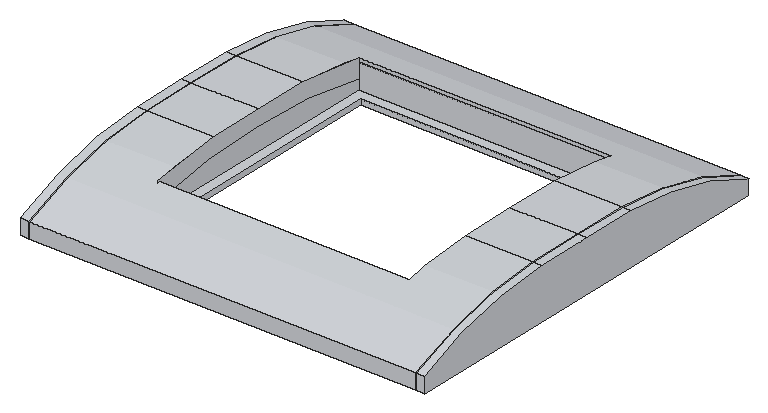
Revit family "Gira_1002738", category Electrical Fixtures, host Face, Revit 2017
Family settings
  Host = Face
  Maintain Annotation Orientation = No
  Round Connector Dimension = Use Diameter
  Part Type = Normal
  Cut with Voids When Loaded = No
  Shared = No
  Room Calculation Point = No
Parameters (values of type "Cov.fr. 2-g w/o cb interm.fr. AN Gira Event Clear black")
  With mounting grid = "No"
  With hinged lid = "No"
  URL = "http://katalog.gira.de/en/datenblatt.html?artikelnr=1002738"
  Type of fastening = "Clamp mounting"
  Transparent = "No"
  Surface protection = "Other"
  Surface finishing = "Glossy"
  Suitable for wall duct = "No"
  Suitable for flush-mounted installation = "Yes"
  Suitable for floor box = "No"
  Suitable for built-in installation = "No"
  Number of units vertical = "2"
  Number of units horizontal = "2"
  Number of units = "2"
  Name = "Cov.fr. 2-g w/o cb interm.fr. AN Gira Event Clear black"
  Mounting direction = "Horizontal and vertical"
  Material quality = "Thermoplastic"
  Material = "Plastic"
  Manufacturer URL = "https://www.gira.de/"
  Manufacturer = "Gira"
  Label space/information surface = "No"
  Keynote = ""
  HeinzeBIM = "https://bimportal.heinze.de/bim/cov-fr-2-g-w-o-cb-interm-fr-an-gira-event-clear-black/7c758bbbcc1d21fc5811364a1b7927ab7d988a52"
  Halogen free = "Yes"
  HAN = "1002738"
  GTIN = "4010337070238"
  Description = "Cov.fr.2g w o cb i.fr.AN EvCl BK,Gira Event Clear cover frame,black with anthracite intermediate frame,2-gang without crossbar,Features:,- Shatter-proof."
  Degree of protection (IP) = "IP20"
  Default Elevation = 1219.2 mm
  Data sheet (1) = "https://katalog.gira.de/en/download.html?artikelnr=1002738"
  Colour = "Black"
  Category = "Cover frame for domestic switching devices"
  BIM (1) = "https://media.stage.bim.site/public/gira/36a6b08/Event_Rahmen_2fach o.Mittelsteg.rfa?public/gira/36a6b08/Event_Rahmen_2fach o.Mittelsteg.rfa"
  Available = "No"
Reference planes
  plane 1 "Center (Front/Back)": y = 0
  plane 2: z = 0
  plane 3 "Center (Left/Right)": x = 0
Forms (mm)
  Extrusion 1, solid, detail levels fine
    sketch origin (0, 0, 1.55) x (0, 1, 0) y (0, 0, 1)
      loop
        arc (12.445, 9.683) -> (6.223, 9.833) -> (0, 9.85) r 291.636
        arc (0, 9.85) -> (-6.223, 9.833) -> (-12.445, 9.683) r 291.636
        arc (-12.445, 9.683) -> (-29.14, 7.482) -> (-45, 1.823) r 79.728
        line (-45, 1.823) -> (-45, -1.55) -> (-41.777, -1.55) -> (-41.777, -0.55)
        arc (-41.777, -0.55) -> (-21.205, 4.846) -> (0, 6.467) r 118.15
        arc (0, 6.467) -> (21.205, 4.846) -> (41.777, -0.55) r 118.15
        line (41.777, -0.55) -> (41.777, -1.55) -> (45, -1.55) -> (45, 1.823)
        arc (45, 1.823) -> (29.14, 7.482) -> (12.445, 9.683) r 79.728
    from -43 to 43
  Extrusion 2, void, detail levels fine
    sketch origin (0, 0, 0) x (1, 0, 0) y (0, 1, 0)
      loop
        line (-28, -28) -> (28, -28) -> (28, 28) -> (-28, 28) -> (-28, -28)
    from 2.85 to 12
  Extrusion 3, solid, detail levels coarse
    sketch origin (0, 0, 0) x (1, 0, 0) y (0, 1, 0)
      loop
        line (-45, 45) -> (-45, -45) -> (45, -45) -> (45, 45) -> (-45, 45)
    from 0 to 11.4
  Extrusion 4, solid, detail levels medium
    sketch origin (0, 0, 1.55) x (0, 1, 0) y (0, 0, 1)
      loop
        arc (12.445, 9.683) -> (6.223, 9.833) -> (0, 9.85) r 291.636
        arc (0, 9.85) -> (-6.223, 9.833) -> (-12.445, 9.683) r 291.636
        arc (-12.445, 9.683) -> (-29.14, 7.482) -> (-45, 1.823) r 79.728
        line (-45, 1.823) -> (-45, -1.55) -> (45, -1.55) -> (45, 1.823)
        arc (45, 1.823) -> (29.14, 7.482) -> (12.445, 9.683) r 79.728
    from -45 to 45
  Extrusion 5, solid, detail levels fine
    sketch origin (0, 0, 0) x (0, 1, 0) y (0, 0, 1)
      loop
        arc (45, 3.373) -> (29.14, 9.032) -> (12.445, 11.233) r 79.728
        arc (12.445, 11.233) -> (6.223, 11.383) -> (0, 11.4) r 291.636
        arc (0, 11.4) -> (-6.223, 11.383) -> (-12.445, 11.233) r 291.636
        arc (-12.445, 11.233) -> (-29.14, 9.032) -> (-45, 3.373) r 79.728
        line (-45, 3.373) -> (-45, 0) -> (45, 0) -> (45, 3.373)
    from 43 to 45
  Extrusion 6, solid, detail levels fine
    sketch origin (0, 0, 0) x (0, 1, 0) y (0, 0, -1)
      loop
        line (45, -3.373) -> (45, 0) -> (-45, 0) -> (-45, -3.373)
        arc (-45, -3.373) -> (-29.14, -9.032) -> (-12.445, -11.233) r 79.728
        arc (-12.445, -11.233) -> (-6.223, -11.383) -> (0, -11.4) r 291.636
        arc (0, -11.4) -> (6.223, -11.383) -> (12.445, -11.233) r 291.636
        arc (12.445, -11.233) -> (29.14, -9.032) -> (45, -3.373) r 79.728
    from 43 to 45
  Extrusion 7, solid, detail levels fine
    sketch origin (0, 0, 0) x (1, 0, 0) y (0, 1, 0)
      loop
        line (-25.7, 25.7) -> (-25.7, -25.7) -> (25.7, -25.7) -> (25.7, 25.7) -> (-25.7, 25.7)
      loop
        line (-29.495, 27.895) -> (-29.495, -27.895)
        spline (-29.495, -27.895) -> (-29.486, -28.025) -> (-29.461, -28.154) -> (-29.419, -28.278) -> (-29.361, -28.395) -> (-29.288, -28.504) -> (-29.202, -28.602) -> (-29.104, -28.688) -> (-28.995, -28.761) -> (-28.878, -28.819) -> (-28.754, -28.861) -> (-28.625, -28.886) -> (-28.495, -28.895)
        line (-28.495, -28.895) -> (28.495, -28.895)
        spline (28.495, -28.895) -> (28.625, -28.886) -> (28.754, -28.861) -> (28.878, -28.819) -> (28.995, -28.761) -> (29.104, -28.688) -> (29.202, -28.602) -> (29.288, -28.504) -> (29.361, -28.395) -> (29.419, -28.278) -> (29.461, -28.154) -> (29.486, -28.025) -> (29.495, -27.895)
        line (29.495, -27.895) -> (29.495, 27.895)
        spline (29.495, 27.895) -> (29.486, 28.025) -> (29.461, 28.154) -> (29.419, 28.278) -> (29.361, 28.395) -> (29.288, 28.504) -> (29.202, 28.602) -> (29.104, 28.688) -> (28.995, 28.761) -> (28.878, 28.819) -> (28.754, 28.861) -> (28.625, 28.886) -> (28.495, 28.895)
        line (28.495, 28.895) -> (-28.495, 28.895)
        spline (-28.495, 28.895) -> (-28.625, 28.886) -> (-28.754, 28.861) -> (-28.878, 28.819) -> (-28.995, 28.761) -> (-29.104, 28.688) -> (-29.202, 28.602) -> (-29.288, 28.504) -> (-29.361, 28.395) -> (-29.419, 28.278) -> (-29.461, 28.154) -> (-29.486, 28.025) -> (-29.495, 27.895)
    from 1.673 to 8.5
Cuts and joins
  Extrusion 2 cuts Extrusion 1
  Extrusion 2 cuts Extrusion 7
Dimensions and locks
  aligned and locked: plane 2 to host face
  aligned and locked: level to host face
